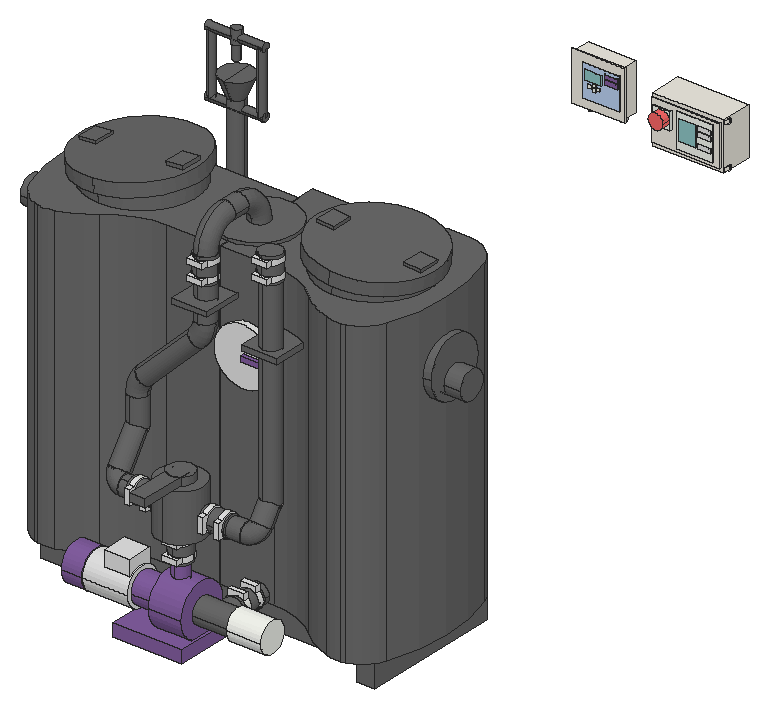
Revit family "93002.02_ms", category Generic Models, Revit 2021
Family settings
  Can host rebar = No
  Round Connector Dimension = Use Diameter
  Part Type = Normal
  Work Plane-Based = No
  Always vertical = Yes
  Cut with Voids When Loaded = No
  Shared = Yes
  Room Calculation Point = No
Parameters (values of type "93002.02_MS")
  SUPPLIER = "KESSEL"
  SA810ID06 = "4026092065013"
  SA810ID03 = "93002.02/MS"
  SA71009ID06 = 3000 W
  SA71009ID05 = 3600 W
  SA71009ID04 = 1
  SA700ID17 = 1055 mm
  SA700ID14 = "ohne Angabe"
  SA700ID13 = 70 mm
  SA700ID09 = 1458 mm
  SA700ID08 = 680 mm
  SA700ID07 = 1500 mm
  SA700ID06 = 200
  SA700ID05 = 2
  SA700ID04 = "Grease separator EasyClean free NS 2, Mix & Pump, SonicControl"
  SA500ID03 = "Sludge trap, integrated"
  SA400ID03 = "PE (Polyethylen)"
  SA250ID03 = "temperierte Umhausung"
  SA200ID03 = "free-standing set-up"
  SA100ID04 = "Abscheideranlage für Fette (Schlammfang und Fettabscheider)"
  PROCUREWEBLINK = "https://p.caden.as/kessel/93002.02%2FMS"
  PROCURELINK = "p.caden.as/kessel/93002.02%2FMS"
  PROCUREDATALASTUPDATE = "2024-05-22T12:18:14.168539057+01:00"
  PRC_SPECIFICATIONLINK = "https://ausschreiben.de/catalog/kessel/catalogItem/4a01b608-8c46-4a57-96a5-b04af733ebcd"
  NN = "EasyClean free Mix & Pump grease separator"
  NBSYN = "$SA810ID03."
  NB = "93002.02/MS"
  Model = "93002.02/MS"
  Manufacturer = "KESSEL"
  MIdent = "{$CADENAS_DATA/23d-libs/kessel/kessel_vdi_import/40/abscheideranlage20fuer20fette/easyclean_free_mix_pump.prj},210 {STYP=ASS},{VTYP=3D},{NB=93002.02/MS},{LINA=93002.02/MS},{NN=EasyClean free Mix & Pump grease separator},{DATE=21.12.2022 12:04:43},{GEOMDATE=17.11.2022 09:57:07},{VERSION=},{LINEID=160},{WBVAR=},{WBNUMERIC=}  {NB=93002.02/MS},{LINA=93002.02/MS},{KT=DUMMY},{PREVIEW=../../bilder/ksb_w_9300202ms.png},{SA700ID04=Fettabscheider EasyClean free NS 2, Mix & Pump, SonicControl},{SA810ID06=4026092065013},{SA010ID04=KESSEL AG},{SA810ID03=93002.02/MS},{SA100ID04=Abscheideranlage für Fette (Schlammfang und Fettabscheider)},{SA200ID03=Freiaufstellung},{SA400ID03=PE (Polyethylen)},{SA500ID03=Schlammfang integriert},{SA700ID05=2.00},{SA700ID06=200},{SA71009ID04=1},{SA71009ID05=3.60},{SA71009ID06=3.00},{SA250ID03=temperierte Umhausung},{SA700ID07=1500},{SA700ID09=1458},{SA700ID13=70},{SA700ID17=1055},{SA700ID08=680},{SA810ID10=\\\"Der Abscheider für fetthaltiges Abwasser ist für die freie Aufstellung in frostgeschützten Räumen geeignet und verzichtet auf metallische Bauteile im Behälter. Der Sammelbehälter aus dauerhaft beständigem Kunststoff (PE) ist mit einem integrierten Schlammfang ausgestattet und besitzt ein konisch zulaufendes Bodenteil für eine schnelle und saubere Entsorgung. Zwei geruchsdichte Deckel mit Schnellspannverschlüssen ermöglichen einen einfachen Zugang für Reinigungs- und Wartungsarbeiten.Das innovative Schredder-Mix-System mit integriertem Zerhacker übernimmt die Homogenisierung und Umwälzung des Behälterinhaltes. Die Reinigung und geruchsneutrale Entsorgung erfolgt dabei über eine außenliegende Pumpe mit 2-Wege-Ventil und Umschalthebel, die mit einem Absperrschieber vom Behälter getrennt werden kann. Nach der Entsorgung sind nur noch max. 3 Liter Schlammrestvolumen im Behälter vorhanden.Die manuelle Steuerung erfolgt durch ein anwenderfreundliches Schaltgerät, das über einen potentialfreien Kontakt in die Gebäudeleittechnik eingebunden werden kann.Gewährleistung auf den Werkstoff PE 20 Jahre.Ausführung:Absperreinrichtung: jaEntsorgungsart: manuelles Entsorgungs- und ReinigungssystemEntsorgungseinrichtung: EntsorgungspumpeEntsorgungsvariante: Mix & PumpFülleinrichtung nach DIN 1988: jaNenngröße (NS): 2Schauglas: jaSchredder-Mix-System: jaSonicControl: jaWasserversorgung: 1 Schraubventil 1\\\"\\\"Tragfähigkeit (DIN 19901): F3Lieferumfang: Storz-B-Kupplung R 2 1/2 \\\"\\\" für SaugwagenanschlussEinbausituation: freie AufstellungAllgemeine Merkmale:Material: PENorm: EN 1825: 2004, DIN 4040-100Abmessungen:Aufstellfläche Länge: 1.736 mmAufstellfläche Breite: 841 mmAufstellfläche Höhe: 1.767 mmEinbringmaß Länge: 1.500 mmEinbringmaß Breite: 680 mmEinbringmaß Höhe: 1.458 mmBehälter/Grundkörper:Zulauf Nennweite (DN): 100 mmZulauf Nennweite (DA): 110 mmAuslauf Nennweite (DN): 100Auslauf Nennweite (DA): 110Abstand Rohrsohle Zulauf zu Behälterboden: 1.055 mmAbstand Rohrsohle Auslauf zu Behälterboden: 985 mmAnschluss Zu-/Auslaufstutzen: PE-HD-Rohre nach DIN 19537, HT-Rohre nach DIN 19560, PP oder ASDruckabgang (DA): 75 mmDruckabgang (DN): 65 mmNenndruck (PN): 10Abdeckungsmerkmale:Abdeckungsart: DeckelAbdeckung Material: KunststoffAbdeckung Farbe: violettDichtheit: geruchsdichtVerriegelung: SchnellspannverschlussAbwasserinhalt:Abscheiderinhalt: 400 lGesamtvolumen: 600 lSchlammfanginhalt: 200 lSpeichermenge an Fett: 100 lFördereinrichtung:Pumpe: SPF 300 KE 2.0Anzahl Pumpen: 1Förderhöhe max.: 17 mFörderleistung max.: 60 m3/hBetriebsspannung: 400 VNetzfrequenz: 50 HzBetriebsart: S2 - 30 Min.Leistung P1: 3,6 kWLeistung P2: 3 kWDrehzahl: 2.850 U/minErforderliche Absicherung (Leitungsschutz): Absicherung über Schaltgerät 400 VFörderguttemperatur (dauerhaft) max.: 40 °CAnschlusstyp: DirektanschlussGewicht: 44 kgLaufrad Typ: Radiallaufrad mit ZerhackerLänge Netzanschlussleitung Pumpe: 5 mNennstrom: 6,2 ASchutzart Pumpe: IP 55Schutzklasse: ITyp Anschlussleitung Pumpe: H07RN-F 7G 1,5 mm2Temperaturüberwachung: integriertSteuerung:Schaltgerät: jaBetriebsspannung: 400 VNetzfrequenz: 50 HzSelbstdiagnosesystem (SDS): jaBatteriepufferung: neinMehrzeilige Displayanzeige: neinLogbuchfunktion: neinUSB-Schnittstelle: neinGSM-Schnittstelle: neinPotentialfreier Kontakt: jaErforderliche Absicherung (Leitungsschutz): 3 x C 16 AErforderliche Absicherung (RCD): 30 mAMotorschutz Schalter: jaSchutzart Schaltgerät: IP 54\\\"},{SA700ID14=ohne Angabe},{LODLEVEL=0},{CATEGORY3AA=},{CATEGORY3AB=EasyClean free Mix & Pump},{CATEGORY3AC=},{CATEGORY3AD=},{CATEGORY3AE=},{CATEGORY3AF=},{BEZEICHNUNG=},{BREITE=0.0},{TIEFE=MIN},{HOEHE=MIN},{MASSE=MIN},{LOD_=0,'Low'},{LOD_DEU=0,'Low'},{LOD_3DB=93002.02/MS_0},{DNIN1=100},{DNIN2=10},{DNIN3=10},{DNIN4=10},{DNIN5=MIN},{DNIN6=MIN},{DNIN7=MIN},{DNOUT1=100},{DNOUT2=50},{ISD=80},{ISD2=10},{SA960ID03=95},{SA960ID04=3L},{SA960ID08=http://www.kessel.de/info?han=93002.02/MS},{SA010ID01=010},{SA010ID02=40},{SA010ID06=www.kessel.de},{SA010ID08=4026092000007},{SA100ID01=100},{SA100ID02=1},{SA740ID01=740},{SA200ID01=200},{SA200ID02=1},{SA250ID01=250},{SA250ID02=1},{SA400ID01=400},{SA400ID02=1},{SA500ID01=500},{SA500ID02=1},{SA700ID01=700},{SA700ID02=95},{SA700ID14_=0},{SA71009ID01=710.09},{SA71009ID02=1},{SA71009ID03=SPF 300 KE 2.0},{SA71009ID07=IP55},{SA71009ID08=1},{SA71009ID09=1},{SA71009ID10=60},{SA71009ID11=17},{SA810ID01=810},{SA810ID02=95},{SA810ID04=93002.02/MS},{SA810ID07=95},{SA810ID14=PCE},{LINK=http://www.kessel.de/info?han=93002.02/MS},{LINK_=http://www.kessel.de/info?han=93002.02/MS},{LINK_DEU=http://www.kessel.de/info?han=93002.02/MS},{LODLEVELVIS=Low}"
  LINK = "http://www.kessel.de/info?han=93002.02/MS"
  LINA = "93002.02/MS"
  Default Elevation = 0 mm
  CREATOR = "CADENAS GmbH"
  CATALOG = "KESSEL"
  BOMINFO = "LINA"
  ARTICLENO = "NB"
Reference planes
  plane 1 "Center (Front/Back)": y = 0
  plane 2: z = 0
  plane 3 "Center (Left/Right)": x = 0
Dimensions and locks
  aligned and locked: level to plane 2
Nested families
  nested 1: "93002.02_ms_content" at (0, 0, 0), type "93002.02_MS_Content"
  nested 2: "93002.02_ms_part1_X0Y0" at (1000, 1000, 1500), type "93002.02_MS_PART1_X0Y0"
  nested 3: "93002.02_ms_part2_X0Y0" at (600, 1000, 1500), type "93002.02_MS_PART2_X0Y0"
  nested 4: "93002.02_ms_part3_X0Y0" at (0, 0, 0), type "93002.02_MS_PART3_X0Y0"
Connectors
  electrical at (910.5, 933.5, 1478)
    settings: on nested 2, index 1, voltage 0 V, apparent load 0 VA, apparent load phase1 0 VA, apparent load phase2 0 VA, apparent load phase3 0 VA, power factor 1, load classification "Other", number of poles 1, system type 31, power factor state 1, is connector primary yes, connector utility no, sub classification motor no, connector description ""
  electrical at (536, 972.5, 1469)
    settings: on nested 3, index 2, voltage 0 V, apparent load 0 VA, apparent load phase1 0 VA, apparent load phase2 0 VA, apparent load phase3 0 VA, power factor 1, load classification "Other", number of poles 1, system type 31, power factor state 1, is connector primary no, connector utility no, sub classification motor no, connector description ""
  piping at (-897.6, 0, 1113), diameter 100
    settings: on nested 4, index 3, connector inside diameter 609.6 mm, connector length 0 mm, flow factor 0, pipe flow 0.0 L/s, pressure drop 0.0 Pa, fitting loss kfactor 0, connector angle 0.00°, fixture units 0, engagement length 0 mm, angle of deflection 0.00°, flow configuration 0, flow direction 1, fitting loss method 2, system type 8, joint type 0, gender type 0, connector reference index -1, connector utility 0, adjustable connector no, is connector primary yes, connector description ""
  piping at (-305, 275, 1772.9), diameter 10
    settings: on nested 4, index 4, connector inside diameter 609.6 mm, connector length 0 mm, flow factor 0, pipe flow 0.0 L/s, pressure drop 0.0 Pa, fitting loss kfactor 0, connector angle 0.00°, fixture units 0, engagement length 0 mm, angle of deflection 0.00°, flow configuration 0, flow direction 1, fitting loss method 2, system type 8, joint type 0, gender type 0, connector reference index -1, connector utility 0, adjustable connector no, is connector primary no, connector description ""
  piping at (844, 0, 1030), diameter 100
    settings: on nested 4, index 5, connector inside diameter 609.6 mm, connector length 0 mm, flow factor 0, pipe flow 0.0 L/s, pressure drop 0.0 Pa, fitting loss kfactor 0, connector angle 0.00°, fixture units 0, engagement length 0 mm, angle of deflection 0.00°, flow configuration 0, flow direction 2, fitting loss method 2, system type 7, joint type 0, gender type 0, connector reference index -1, connector utility 0, adjustable connector no, is connector primary no, connector description ""
  piping at (290, -301.5, 1445.5), diameter 50
    settings: on nested 4, index 6, connector inside diameter 609.6 mm, connector length 0 mm, flow factor 0, pipe flow 0.0 L/s, pressure drop 0.0 Pa, fitting loss kfactor 0, connector angle 0.00°, fixture units 0, engagement length 0 mm, angle of deflection 0.00°, flow configuration 0, flow direction 2, fitting loss method 2, system type 7, joint type 0, gender type 0, connector reference index -1, connector utility 0, adjustable connector no, is connector primary no, connector description ""
  electrical at (-212, -383, 248.5)
    settings: on nested 4, index 7, voltage 0 V, apparent load 0 VA, apparent load phase1 0 VA, apparent load phase2 0 VA, apparent load phase3 0 VA, power factor 1, load classification "Other", number of poles 1, system type 31, power factor state 1, is connector primary no, connector utility no, sub classification motor no, connector description ""
Definition of nested family "93002.02_ms_part1_X0Y0"
  Parameters (values of type "93002.02_MS_PART1_X0Y0")
    SUPPLIER = "KESSEL"
    SA810ID06 = "4026092065013"
    SA810ID03 = "93002.02/MS"
    SA71009ID06 = 3000 W
    SA71009ID05 = 3600 W
    SA71009ID04 = 1
    SA700ID17 = 1055 mm
    SA700ID14 = "ohne Angabe"
    SA700ID13 = 70 mm
    SA700ID09 = 1458 mm
    SA700ID08 = 680 mm
    SA700ID07 = 1500 mm
    SA700ID06 = 200
    SA700ID05 = 2
    SA700ID04 = "Grease separator EasyClean free NS 2, Mix & Pump, SonicControl"
    SA500ID03 = "Sludge trap, integrated"
    SA400ID03 = "PE (Polyethylen)"
    SA250ID03 = "temperierte Umhausung"
    SA200ID03 = "free-standing set-up"
    SA100ID04 = "Abscheideranlage für Fette (Schlammfang und Fettabscheider)"
    NBSYN = "$SA810ID03._PART1"
    NB = "93002.02/MS_PART1"
    Model = "93002.02/MS_PART1"
    Manufacturer = "KESSEL"
    MIdent = "{$CADENAS_DATA/23d-libs/kessel/kessel_vdi_import/40/abscheideranlage20fuer20fette/easyclean_free_mix_pump.prj},230 {VTYP=3D},{NB=93002.02/MS_PART1},{LINA=93002.02/MS_PART1},{NN=EasyClean free Mix & Pump grease separator_PART1},{NOPRJ=TRUE},{DATE=21.12.2022 12:04:43},{GEOMDATE=17.11.2022 09:57:07},{VERSION=},{LINEID=160},{WBVAR=},{WBNUMERIC=}  {NB=93002.02/MS_PART1},{LINA=93002.02/MS_PART1},{KT=DUMMY},{PREVIEW=../../bilder/ksb_w_9300202ms.png},{SA700ID04=Fettabscheider EasyClean free NS 2, Mix & Pump, SonicControl},{SA810ID06=4026092065013},{SA010ID04=KESSEL AG},{SA810ID03=93002.02/MS},{SA100ID04=Abscheideranlage für Fette (Schlammfang und Fettabscheider)},{SA200ID03=Freiaufstellung},{SA400ID03=PE (Polyethylen)},{SA500ID03=Schlammfang integriert},{SA700ID05=2.00},{SA700ID06=200},{SA71009ID04=1},{SA71009ID05=3.60},{SA71009ID06=3.00},{SA250ID03=temperierte Umhausung},{SA700ID07=1500},{SA700ID09=1458},{SA700ID13=70},{SA700ID17=1055},{SA700ID08=680},{SA810ID10=\\\"Der Abscheider für fetthaltiges Abwasser ist für die freie Aufstellung in frostgeschützten Räumen geeignet und verzichtet auf metallische Bauteile im Behälter. Der Sammelbehälter aus dauerhaft beständigem Kunststoff (PE) ist mit einem integrierten Schlammfang ausgestattet und besitzt ein konisch zulaufendes Bodenteil für eine schnelle und saubere Entsorgung. Zwei geruchsdichte Deckel mit Schnellspannverschlüssen ermöglichen einen einfachen Zugang für Reinigungs- und Wartungsarbeiten.Das innovative Schredder-Mix-System mit integriertem Zerhacker übernimmt die Homogenisierung und Umwälzung des Behälterinhaltes. Die Reinigung und geruchsneutrale Entsorgung erfolgt dabei über eine außenliegende Pumpe mit 2-Wege-Ventil und Umschalthebel, die mit einem Absperrschieber vom Behälter getrennt werden kann. Nach der Entsorgung sind nur noch max. 3 Liter Schlammrestvolumen im Behälter vorhanden.Die manuelle Steuerung erfolgt durch ein anwenderfreundliches Schaltgerät, das über einen potentialfreien Kontakt in die Gebäudeleittechnik eingebunden werden kann.Gewährleistung auf den Werkstoff PE 20 Jahre.Ausführung:Absperreinrichtung: jaEntsorgungsart: manuelles Entsorgungs- und ReinigungssystemEntsorgungseinrichtung: EntsorgungspumpeEntsorgungsvariante: Mix & PumpFülleinrichtung nach DIN 1988: jaNenngröße (NS): 2Schauglas: jaSchredder-Mix-System: jaSonicControl: jaWasserversorgung: 1 Schraubventil 1\\\"\\\"Tragfähigkeit (DIN 19901): F3Lieferumfang: Storz-B-Kupplung R 2 1/2 \\\"\\\" für SaugwagenanschlussEinbausituation: freie AufstellungAllgemeine Merkmale:Material: PENorm: EN 1825: 2004, DIN 4040-100Abmessungen:Aufstellfläche Länge: 1.736 mmAufstellfläche Breite: 841 mmAufstellfläche Höhe: 1.767 mmEinbringmaß Länge: 1.500 mmEinbringmaß Breite: 680 mmEinbringmaß Höhe: 1.458 mmBehälter/Grundkörper:Zulauf Nennweite (DN): 100 mmZulauf Nennweite (DA): 110 mmAuslauf Nennweite (DN): 100Auslauf Nennweite (DA): 110Abstand Rohrsohle Zulauf zu Behälterboden: 1.055 mmAbstand Rohrsohle Auslauf zu Behälterboden: 985 mmAnschluss Zu-/Auslaufstutzen: PE-HD-Rohre nach DIN 19537, HT-Rohre nach DIN 19560, PP oder ASDruckabgang (DA): 75 mmDruckabgang (DN): 65 mmNenndruck (PN): 10Abdeckungsmerkmale:Abdeckungsart: DeckelAbdeckung Material: KunststoffAbdeckung Farbe: violettDichtheit: geruchsdichtVerriegelung: SchnellspannverschlussAbwasserinhalt:Abscheiderinhalt: 400 lGesamtvolumen: 600 lSchlammfanginhalt: 200 lSpeichermenge an Fett: 100 lFördereinrichtung:Pumpe: SPF 300 KE 2.0Anzahl Pumpen: 1Förderhöhe max.: 17 mFörderleistung max.: 60 m3/hBetriebsspannung: 400 VNetzfrequenz: 50 HzBetriebsart: S2 - 30 Min.Leistung P1: 3,6 kWLeistung P2: 3 kWDrehzahl: 2.850 U/minErforderliche Absicherung (Leitungsschutz): Absicherung über Schaltgerät 400 VFörderguttemperatur (dauerhaft) max.: 40 °CAnschlusstyp: DirektanschlussGewicht: 44 kgLaufrad Typ: Radiallaufrad mit ZerhackerLänge Netzanschlussleitung Pumpe: 5 mNennstrom: 6,2 ASchutzart Pumpe: IP 55Schutzklasse: ITyp Anschlussleitung Pumpe: H07RN-F 7G 1,5 mm2Temperaturüberwachung: integriertSteuerung:Schaltgerät: jaBetriebsspannung: 400 VNetzfrequenz: 50 HzSelbstdiagnosesystem (SDS): jaBatteriepufferung: neinMehrzeilige Displayanzeige: neinLogbuchfunktion: neinUSB-Schnittstelle: neinGSM-Schnittstelle: neinPotentialfreier Kontakt: jaErforderliche Absicherung (Leitungsschutz): 3 x C 16 AErforderliche Absicherung (RCD): 30 mAMotorschutz Schalter: jaSchutzart Schaltgerät: IP 54\\\"},{SA700ID14=ohne Angabe},{LODLEVEL=0},{CATEGORY3AA=},{CATEGORY3AB=EasyClean free Mix & Pump},{CATEGORY3AC=},{CATEGORY3AD=},{CATEGORY3AE=},{CATEGORY3AF=},{BEZEICHNUNG=},{BREITE=0.0},{TIEFE=MIN},{HOEHE=MIN},{MASSE=MIN},{LOD_=0,'Low'},{LOD_DEU=0,'Low'},{LOD_3DB=93002.02/MS_0},{DNIN1=100},{DNIN2=10},{DNIN3=10},{DNIN4=10},{DNIN5=MIN},{DNIN6=MIN},{DNIN7=MIN},{DNOUT1=100},{DNOUT2=50},{ISD=80},{ISD2=10},{SA960ID03=95},{SA960ID04=3L},{SA960ID08=http://www.kessel.de/info?han=93002.02/MS},{SA010ID01=010},{SA010ID02=40},{SA010ID06=www.kessel.de},{SA010ID08=4026092000007},{SA100ID01=100},{SA100ID02=1},{SA740ID01=740},{SA200ID01=200},{SA200ID02=1},{SA250ID01=250},{SA250ID02=1},{SA400ID01=400},{SA400ID02=1},{SA500ID01=500},{SA500ID02=1},{SA700ID01=700},{SA700ID02=95},{SA700ID14_=0},{SA71009ID01=710.09},{SA71009ID02=1},{SA71009ID03=SPF 300 KE 2.0},{SA71009ID07=IP55},{SA71009ID08=1},{SA71009ID09=1},{SA71009ID10=60},{SA71009ID11=17},{SA810ID01=810},{SA810ID02=95},{SA810ID04=93002.02/MS},{SA810ID07=95},{SA810ID14=PCE},{LINK=http://www.kessel.de/info?han=93002.02/MS},{LINK_=http://www.kessel.de/info?han=93002.02/MS},{LINK_DEU=http://www.kessel.de/info?han=93002.02/MS},{LODLEVELVIS=Low}"
    LINK = "http://www.kessel.de/info?han=93002.02/MS"
    LINA = "93002.02/MS_PART1"
    Default Elevation = 1219.2 mm
    CREATOR = "CADENAS GmbH"
    CATALOG = "KESSEL"
    BOMINFO = "LINA"
    ARTICLENO = "NB"
  Reference planes
    plane 1 "Center (Front/Back)": y = 0
    plane 2: z = 0
    plane 3 "Center (Left/Right)": x = 0
  Dimensions and locks
    aligned and locked: level to plane 2
  Nested families
    nested 1: "93002.02_ms_part1_content" at (0, 0, 0), type "93002.02_MS_PART1_Content"
  Definition of nested family "93002.02_ms_part1_content"
    Parameters (values of type "93002.02_MS_PART1_Content")
      SUPPLIER = "KESSEL"
      SA810ID06 = "4026092065013"
      SA810ID03 = "93002.02/MS"
      SA71009ID06 = 3000 W
      SA71009ID05 = 3600 W
      SA71009ID04 = 1
      SA700ID17 = 1055 mm
      SA700ID14 = "ohne Angabe"
      SA700ID13 = 70 mm
      SA700ID09 = 1458 mm
      SA700ID08 = 680 mm
      SA700ID07 = 1500 mm
      SA700ID06 = 200
      SA700ID05 = 2
      SA700ID04 = "Grease separator EasyClean free NS 2, Mix & Pump, SonicControl"
      SA500ID03 = "Sludge trap, integrated"
      SA400ID03 = "PE (Polyethylen)"
      SA250ID03 = "temperierte Umhausung"
      SA200ID03 = "free-standing set-up"
      SA100ID04 = "Abscheideranlage für Fette (Schlammfang und Fettabscheider)"
      NBSYN = "$SA810ID03._PART1"
      NB = "93002.02/MS_PART1"
      Model = "93002.02/MS_PART1"
      Manufacturer = "KESSEL"
      LINK = "http://www.kessel.de/info?han=93002.02/MS"
      LINA = "93002.02/MS_PART1"
      Default Elevation = 1219.2 mm
      CREATOR = "CADENAS GmbH"
      CATALOG = "KESSEL"
      BOMINFO = "LINA"
      ARTICLENO = "NB"
    Reference planes
      plane 1 "Center (Front/Back)": y = 0
      plane 2: z = 0
      plane 3 "Center (Left/Right)": x = 0
    Forms (mm)
      Extrusion 1, solid, detail levels medium+fine
        sketch origin (139, 0, 0) x (0, -1, 0) y (0, 0, 1)
          loop
            line (0, 188) -> (0, 0) -> (122.5, 0) -> (122.5, 188) -> (0, 188)
        from 0 to 278
      Extrusion 2, solid, detail levels medium+fine
        sketch origin (130, -122.5, 14) x (0, -1, 0) y (0, 0, 1)
          loop
            line (0, 160) -> (0, 0) -> (5, 0) -> (5, 160) -> (0, 160)
        from 0 to 269
      Extrusion 3, solid, detail levels medium+fine
        sketch origin (100, -127.5, 26) x (0, -1, 0) y (0, 0, 1)
          loop
            line (-1.5, 135) -> (-1.5, 0) -> (0.2, 0) -> (0.2, 135) -> (-1.5, 135)
        from 0 to 140
      Extrusion 4, solid, detail levels medium+fine
        sketch origin (32.5, -127.7, 55) x (0, -1, 0) y (0, 0, 1)
          loop
            line (-1.5, 79) -> (-1.5, 0) -> (0.1, 0) -> (0.1, 79) -> (-1.5, 79)
        from 0 to 65
      Extrusion 5, solid, detail levels medium+fine
        sketch origin (92.5, -127.7, 97) x (0, -1, 0) y (0, 0, 1)
          loop
            line (-1.5, 16) -> (-1.5, 0) -> (0.1, 0) -> (0.1, 16) -> (-1.5, 16)
        from 0 to 51
      Extrusion 6, solid, detail levels medium+fine
        sketch origin (92.5, -127.7, 55) x (0, -1, 0) y (0, 0, 1)
          loop
            line (-1.5, 16) -> (-1.5, 0) -> (0.1, 0) -> (0.1, 16) -> (-1.5, 16)
        from 0 to 51
      Extrusion 7, solid, detail levels medium+fine
        sketch origin (92.5, -127.7, 118) x (0, -1, 0) y (0, 0, 1)
          loop
            line (-1.5, 16) -> (-1.5, 0) -> (0.1, 0) -> (0.1, 16) -> (-1.5, 16)
        from 0 to 51
      Extrusion 8, solid, detail levels medium+fine
        sketch origin (0.25, -66.5, 1.5) x (0.866025, 0.5, 0) y (0.5, -0.866025, 0)
          loop
            circle (0, 0) r 10
        from 0 to 2.5
      Extrusion 9, solid, detail levels medium+fine
        sketch origin (-63, -127.5, 84) x (0, -1, 0) y (0, 0, 1)
          loop
            line (0, 67) -> (0, 0) -> (7, 0) -> (7, 67) -> (0, 67)
        from 0 to 67
      Extrusion 10, solid, detail levels medium+fine
        sketch origin (-96.5, -134.5, 117.5) x (1, 0, 0) y (0, 0, 1)
          loop
            circle (0, 0) r 29.5
        from 0 to 29
      Extrusion 11, solid, detail levels medium+fine
        sketch origin (30.25, -66.5, 1.5) x (0.866025, 0.5, 0) y (0.5, -0.866025, 0)
          loop
            circle (0, 0) r 10
        from 0 to 2.5
      Extrusion 12, solid, detail levels medium+fine
        sketch origin (60.25, -66.5, 1.5) x (0.866025, 0.5, 0) y (0.5, -0.866025, 0)
          loop
            circle (0, 0) r 10
        from 0 to 2.5
      Extrusion 13, solid, detail levels medium+fine
        sketch origin (-44.5, -66.5, 0) x (0.866025, 0.5, 0) y (0.5, -0.866025, 0)
          loop
            line (0, 17.321) -> (-15, 8.66) -> (-15, -8.66) -> (0, -17.321) -> (15, -8.66) -> (15, 8.66) -> (0, 17.321)
        from 0 to 22
      Extrusion 14, solid, detail levels medium+fine
        sketch origin (-89.5, -66.5, 0) x (0.866025, 0.5, 0) y (0.5, -0.866025, 0)
          loop
            line (0, 17.321) -> (-15, 8.66) -> (-15, -8.66) -> (0, -17.321) -> (15, -8.66) -> (15, 8.66) -> (0, 17.321)
        from 0 to 22
      Extrusion 15, solid, detail levels medium+fine
        sketch origin (-128, 0, 177) x (-1, 0, 0) y (0, 0, 1)
          loop
            circle (0, 0) r 7.5
        from 0 to 2
      Extrusion 16, solid, detail levels medium+fine
        sketch origin (-128, 0, 11) x (-1, 0, 0) y (0, 0, 1)
          loop
            circle (0, 0) r 7.5
        from 0 to 2
      Extrusion 17, solid, detail levels medium+fine
        sketch origin (128, 0, 11) x (-1, 0, 0) y (0, 0, 1)
          loop
            circle (0, 0) r 7.5
        from 0 to 2
      Extrusion 18, solid, detail levels medium+fine
        sketch origin (128, 0, 177) x (-1, 0, 0) y (0, 0, 1)
          loop
            circle (0, 0) r 7.5
        from 0 to 2
      Extrusion 19, solid, detail levels medium+fine
        sketch origin (143.5, -100.5, 170) x (-1, 0, 0) y (0, -1, 0)
          loop
            circle (0, 0) r 5
        from 0 to 14
      Extrusion 20, solid, detail levels medium+fine
        sketch origin (139, -100.5, 170) x (0, -1, 0) y (1, 0, 0)
          loop
            line (0, 9.5) -> (0, 0) -> (20, 0) -> (0, 9.5)
        from 0 to 14
      Extrusion 21, solid, detail levels medium+fine
        sketch origin (143.5, -100.5, 4) x (-1, 0, 0) y (0, -1, 0)
          loop
            circle (0, 0) r 5
        from 0 to 14
      Extrusion 22, solid, detail levels medium+fine
        sketch origin (139, -100.5, 4) x (0, -1, 0) y (1, 0, 0)
          loop
            line (0, 9.5) -> (0, 0) -> (20, 0) -> (0, 9.5)
        from 0 to 14
      Extrusion 23, solid, detail levels coarse
        sketch origin (4.75, -80.75, -22) x (1, 0, 0) y (0, 1, 0)
          loop
            line (-143.75, -82.75) -> (143.75, -82.75) -> (143.75, 82.75) -> (-143.75, 82.75) -> (-143.75, -82.75)
        from 0 to 210
    Dimensions and locks
      aligned and locked: level to plane 2
Definition of nested family "93002.02_ms_part2_X0Y0"
  Parameters (values of type "93002.02_MS_PART2_X0Y0")
    SUPPLIER = "KESSEL"
    SA810ID06 = "4026092065013"
    SA810ID03 = "93002.02/MS"
    SA71009ID06 = 3000 W
    SA71009ID05 = 3600 W
    SA71009ID04 = 1
    SA700ID17 = 1055 mm
    SA700ID14 = "ohne Angabe"
    SA700ID13 = 70 mm
    SA700ID09 = 1458 mm
    SA700ID08 = 680 mm
    SA700ID07 = 1500 mm
    SA700ID06 = 200
    SA700ID05 = 2
    SA700ID04 = "Grease separator EasyClean free NS 2, Mix & Pump, SonicControl"
    SA500ID03 = "Sludge trap, integrated"
    SA400ID03 = "PE (Polyethylen)"
    SA250ID03 = "temperierte Umhausung"
    SA200ID03 = "free-standing set-up"
    SA100ID04 = "Abscheideranlage für Fette (Schlammfang und Fettabscheider)"
    NBSYN = "$SA810ID03._PART2"
    NB = "93002.02/MS_PART2"
    Model = "93002.02/MS_PART2"
    Manufacturer = "KESSEL"
    MIdent = "{$CADENAS_DATA/23d-libs/kessel/kessel_vdi_import/40/abscheideranlage20fuer20fette/easyclean_free_mix_pump.prj},230 {VTYP=3D},{NB=93002.02/MS_PART2},{LINA=93002.02/MS_PART2},{NN=EasyClean free Mix & Pump grease separator_PART2},{NOPRJ=TRUE},{DATE=21.12.2022 12:04:43},{GEOMDATE=17.11.2022 09:57:07},{VERSION=},{LINEID=160},{WBVAR=},{WBNUMERIC=}  {NB=93002.02/MS_PART2},{LINA=93002.02/MS_PART2},{KT=DUMMY},{PREVIEW=../../bilder/ksb_w_9300202ms.png},{SA700ID04=Fettabscheider EasyClean free NS 2, Mix & Pump, SonicControl},{SA810ID06=4026092065013},{SA010ID04=KESSEL AG},{SA810ID03=93002.02/MS},{SA100ID04=Abscheideranlage für Fette (Schlammfang und Fettabscheider)},{SA200ID03=Freiaufstellung},{SA400ID03=PE (Polyethylen)},{SA500ID03=Schlammfang integriert},{SA700ID05=2.00},{SA700ID06=200},{SA71009ID04=1},{SA71009ID05=3.60},{SA71009ID06=3.00},{SA250ID03=temperierte Umhausung},{SA700ID07=1500},{SA700ID09=1458},{SA700ID13=70},{SA700ID17=1055},{SA700ID08=680},{SA810ID10=\\\"Der Abscheider für fetthaltiges Abwasser ist für die freie Aufstellung in frostgeschützten Räumen geeignet und verzichtet auf metallische Bauteile im Behälter. Der Sammelbehälter aus dauerhaft beständigem Kunststoff (PE) ist mit einem integrierten Schlammfang ausgestattet und besitzt ein konisch zulaufendes Bodenteil für eine schnelle und saubere Entsorgung. Zwei geruchsdichte Deckel mit Schnellspannverschlüssen ermöglichen einen einfachen Zugang für Reinigungs- und Wartungsarbeiten.Das innovative Schredder-Mix-System mit integriertem Zerhacker übernimmt die Homogenisierung und Umwälzung des Behälterinhaltes. Die Reinigung und geruchsneutrale Entsorgung erfolgt dabei über eine außenliegende Pumpe mit 2-Wege-Ventil und Umschalthebel, die mit einem Absperrschieber vom Behälter getrennt werden kann. Nach der Entsorgung sind nur noch max. 3 Liter Schlammrestvolumen im Behälter vorhanden.Die manuelle Steuerung erfolgt durch ein anwenderfreundliches Schaltgerät, das über einen potentialfreien Kontakt in die Gebäudeleittechnik eingebunden werden kann.Gewährleistung auf den Werkstoff PE 20 Jahre.Ausführung:Absperreinrichtung: jaEntsorgungsart: manuelles Entsorgungs- und ReinigungssystemEntsorgungseinrichtung: EntsorgungspumpeEntsorgungsvariante: Mix & PumpFülleinrichtung nach DIN 1988: jaNenngröße (NS): 2Schauglas: jaSchredder-Mix-System: jaSonicControl: jaWasserversorgung: 1 Schraubventil 1\\\"\\\"Tragfähigkeit (DIN 19901): F3Lieferumfang: Storz-B-Kupplung R 2 1/2 \\\"\\\" für SaugwagenanschlussEinbausituation: freie AufstellungAllgemeine Merkmale:Material: PENorm: EN 1825: 2004, DIN 4040-100Abmessungen:Aufstellfläche Länge: 1.736 mmAufstellfläche Breite: 841 mmAufstellfläche Höhe: 1.767 mmEinbringmaß Länge: 1.500 mmEinbringmaß Breite: 680 mmEinbringmaß Höhe: 1.458 mmBehälter/Grundkörper:Zulauf Nennweite (DN): 100 mmZulauf Nennweite (DA): 110 mmAuslauf Nennweite (DN): 100Auslauf Nennweite (DA): 110Abstand Rohrsohle Zulauf zu Behälterboden: 1.055 mmAbstand Rohrsohle Auslauf zu Behälterboden: 985 mmAnschluss Zu-/Auslaufstutzen: PE-HD-Rohre nach DIN 19537, HT-Rohre nach DIN 19560, PP oder ASDruckabgang (DA): 75 mmDruckabgang (DN): 65 mmNenndruck (PN): 10Abdeckungsmerkmale:Abdeckungsart: DeckelAbdeckung Material: KunststoffAbdeckung Farbe: violettDichtheit: geruchsdichtVerriegelung: SchnellspannverschlussAbwasserinhalt:Abscheiderinhalt: 400 lGesamtvolumen: 600 lSchlammfanginhalt: 200 lSpeichermenge an Fett: 100 lFördereinrichtung:Pumpe: SPF 300 KE 2.0Anzahl Pumpen: 1Förderhöhe max.: 17 mFörderleistung max.: 60 m3/hBetriebsspannung: 400 VNetzfrequenz: 50 HzBetriebsart: S2 - 30 Min.Leistung P1: 3,6 kWLeistung P2: 3 kWDrehzahl: 2.850 U/minErforderliche Absicherung (Leitungsschutz): Absicherung über Schaltgerät 400 VFörderguttemperatur (dauerhaft) max.: 40 °CAnschlusstyp: DirektanschlussGewicht: 44 kgLaufrad Typ: Radiallaufrad mit ZerhackerLänge Netzanschlussleitung Pumpe: 5 mNennstrom: 6,2 ASchutzart Pumpe: IP 55Schutzklasse: ITyp Anschlussleitung Pumpe: H07RN-F 7G 1,5 mm2Temperaturüberwachung: integriertSteuerung:Schaltgerät: jaBetriebsspannung: 400 VNetzfrequenz: 50 HzSelbstdiagnosesystem (SDS): jaBatteriepufferung: neinMehrzeilige Displayanzeige: neinLogbuchfunktion: neinUSB-Schnittstelle: neinGSM-Schnittstelle: neinPotentialfreier Kontakt: jaErforderliche Absicherung (Leitungsschutz): 3 x C 16 AErforderliche Absicherung (RCD): 30 mAMotorschutz Schalter: jaSchutzart Schaltgerät: IP 54\\\"},{SA700ID14=ohne Angabe},{LODLEVEL=0},{CATEGORY3AA=},{CATEGORY3AB=EasyClean free Mix & Pump},{CATEGORY3AC=},{CATEGORY3AD=},{CATEGORY3AE=},{CATEGORY3AF=},{BEZEICHNUNG=},{BREITE=0.0},{TIEFE=MIN},{HOEHE=MIN},{MASSE=MIN},{LOD_=0,'Low'},{LOD_DEU=0,'Low'},{LOD_3DB=93002.02/MS_0},{DNIN1=100},{DNIN2=10},{DNIN3=10},{DNIN4=10},{DNIN5=MIN},{DNIN6=MIN},{DNIN7=MIN},{DNOUT1=100},{DNOUT2=50},{ISD=80},{ISD2=10},{SA960ID03=95},{SA960ID04=3L},{SA960ID08=http://www.kessel.de/info?han=93002.02/MS},{SA010ID01=010},{SA010ID02=40},{SA010ID06=www.kessel.de},{SA010ID08=4026092000007},{SA100ID01=100},{SA100ID02=1},{SA740ID01=740},{SA200ID01=200},{SA200ID02=1},{SA250ID01=250},{SA250ID02=1},{SA400ID01=400},{SA400ID02=1},{SA500ID01=500},{SA500ID02=1},{SA700ID01=700},{SA700ID02=95},{SA700ID14_=0},{SA71009ID01=710.09},{SA71009ID02=1},{SA71009ID03=SPF 300 KE 2.0},{SA71009ID07=IP55},{SA71009ID08=1},{SA71009ID09=1},{SA71009ID10=60},{SA71009ID11=17},{SA810ID01=810},{SA810ID02=95},{SA810ID04=93002.02/MS},{SA810ID07=95},{SA810ID14=PCE},{LINK=http://www.kessel.de/info?han=93002.02/MS},{LINK_=http://www.kessel.de/info?han=93002.02/MS},{LINK_DEU=http://www.kessel.de/info?han=93002.02/MS},{LODLEVELVIS=Low}"
    LINK = "http://www.kessel.de/info?han=93002.02/MS"
    LINA = "93002.02/MS_PART2"
    Default Elevation = 1219.2 mm
    CREATOR = "CADENAS GmbH"
    CATALOG = "KESSEL"
    BOMINFO = "LINA"
    ARTICLENO = "NB"
  Reference planes
    plane 1 "Center (Front/Back)": y = 0
    plane 2: z = 0
    plane 3 "Center (Left/Right)": x = 0
  Dimensions and locks
    aligned and locked: level to plane 2
  Nested families
    nested 1: "93002.02_ms_part2_content" at (0, 0, 0), type "93002.02_MS_PART2_Content"
  Definition of nested family "93002.02_ms_part2_content"
    Parameters (values of type "93002.02_MS_PART2_Content")
      SUPPLIER = "KESSEL"
      SA810ID06 = "4026092065013"
      SA810ID03 = "93002.02/MS"
      SA71009ID06 = 3000 W
      SA71009ID05 = 3600 W
      SA71009ID04 = 1
      SA700ID17 = 1055 mm
      SA700ID14 = "ohne Angabe"
      SA700ID13 = 70 mm
      SA700ID09 = 1458 mm
      SA700ID08 = 680 mm
      SA700ID07 = 1500 mm
      SA700ID06 = 200
      SA700ID05 = 2
      SA700ID04 = "Grease separator EasyClean free NS 2, Mix & Pump, SonicControl"
      SA500ID03 = "Sludge trap, integrated"
      SA400ID03 = "PE (Polyethylen)"
      SA250ID03 = "temperierte Umhausung"
      SA200ID03 = "free-standing set-up"
      SA100ID04 = "Abscheideranlage für Fette (Schlammfang und Fettabscheider)"
      NBSYN = "$SA810ID03._PART2"
      NB = "93002.02/MS_PART2"
      Model = "93002.02/MS_PART2"
      Manufacturer = "KESSEL"
      LINK = "http://www.kessel.de/info?han=93002.02/MS"
      LINA = "93002.02/MS_PART2"
      Default Elevation = 1219.2 mm
      CREATOR = "CADENAS GmbH"
      CATALOG = "KESSEL"
      BOMINFO = "LINA"
      ARTICLENO = "NB"
    Reference planes
      plane 1 "Center (Front/Back)": y = 0
      plane 2: z = 0
      plane 3 "Center (Left/Right)": x = 0
    Forms (mm)
      Extrusion 1, solid, detail levels medium+fine
        sketch origin (94, 0, 5) x (0, -1, 0) y (0, 0, 1)
          loop
            line (0, 184) -> (0, 0) -> (64.5, 0) -> (64.5, 184) -> (0, 184)
        from 0 to 188
      Extrusion 2, solid, detail levels medium+fine
        sketch origin (104, -64.5, 0) x (0, -1, 0) y (0, 0, 1)
          loop
            line (0, 194) -> (0, 0) -> (3.5, 0) -> (3.5, 194) -> (0, 194)
        from 0 to 208
      Extrusion 3, solid, detail levels medium+fine
        sketch origin (86.3, -68, 33.2) x (0, -1, 0) y (0, 0, 1)
          loop
            line (-0.5, 127) -> (-0.5, 0) -> (1, 0) -> (1, 127) -> (-0.5, 127)
        from 0 to 146
      Extrusion 4, solid, detail levels medium+fine
        sketch origin (6.8, -69, 77.2) x (0, -1, 0) y (0, 0, 1)
          loop
            line (-0.5, 12) -> (-0.5, 0) -> (1, 0) -> (1, 12) -> (-0.5, 12)
        from 0 to 12
      Extrusion 5, solid, detail levels medium+fine
        sketch origin (-9.7, -69, 85.45) x (0, -1, 0) y (0, 0, 1)
          loop
            line (-0.5, 12) -> (-0.5, 0) -> (1, 0) -> (1, 12) -> (-0.5, 12)
        from 0 to 12
      Extrusion 6, solid, detail levels medium+fine
        sketch origin (-9.7, -69, 68.95) x (0, -1, 0) y (0, 0, 1)
          loop
            line (-0.5, 12) -> (-0.5, 0) -> (1, 0) -> (1, 12) -> (-0.5, 12)
        from 0 to 12
      Extrusion 7, solid, detail levels medium+fine
        sketch origin (13.3, -69, 100.45) x (0, -1, 0) y (0, 0, 1)
          loop
            line (-0.5, 37) -> (-0.5, 0) -> (1, 0) -> (1, 37) -> (-0.5, 37)
        from 0 to 65
      Extrusion 8, solid, detail levels medium+fine
        sketch origin (78.8, -69, 110.7) x (0, -1, 0) y (0, 0, 1)
          loop
            line (-0.5, 16) -> (-0.5, 0) -> (1, 0) -> (1, 16) -> (-0.5, 16)
        from 0 to 51
      Extrusion 9, solid, detail levels medium+fine
        sketch origin (-26.2, -69, 77.2) x (0, -1, 0) y (0, 0, 1)
          loop
            line (-0.5, 12) -> (-0.5, 0) -> (1, 0) -> (1, 12) -> (-0.5, 12)
        from 0 to 12
      Extrusion 10, solid, detail levels medium+fine
        sketch origin (78.75, -69, 130.75) x (0, -1, 0) y (0, 0, 1)
          loop
            line (-0.5, 16) -> (-0.5, 0) -> (1, 0) -> (1, 16) -> (-0.5, 16)
        from 0 to 51
      Extrusion 11, solid, detail levels medium+fine
        sketch origin (-64, -27.5, 5) x (1, 0, 0) y (0, -1, 0)
          loop
            circle (0, 0) r 12
        from 0 to 26
      Extrusion 12, solid, detail levels medium+fine
        sketch origin (-64, -27.5, -21) x (1, 0, 0) y (0, -1, 0)
          loop
            circle (0, 0) r 5
        from 0 to 10
      Extrusion 13, solid, detail levels medium+fine
        sketch origin (67, -27.5, 5) x (1, 0, 0) y (0, -1, 0)
          loop
            circle (0, 0) r 12
        from 0 to 26
      Extrusion 14, solid, detail levels coarse
        sketch origin (0, -35, -31) x (1, 0, 0) y (0, 1, 0)
          loop
            line (-104, -35) -> (104, -35) -> (104, 35) -> (-104, 35) -> (-104, -35)
        from 0 to 225
    Dimensions and locks
      aligned and locked: level to plane 2
Definition of nested family "93002.02_ms_part3_X0Y0"
  Parameters (values of type "93002.02_MS_PART3_X0Y0")
    SUPPLIER = "KESSEL"
    SA810ID06 = "4026092065013"
    SA810ID03 = "93002.02/MS"
    SA71009ID06 = 3000 W
    SA71009ID05 = 3600 W
    SA71009ID04 = 1
    SA700ID17 = 1055 mm
    SA700ID14 = "ohne Angabe"
    SA700ID13 = 70 mm
    SA700ID09 = 1458 mm
    SA700ID08 = 680 mm
    SA700ID07 = 1500 mm
    SA700ID06 = 200
    SA700ID05 = 2
    SA700ID04 = "Grease separator EasyClean free NS 2, Mix & Pump, SonicControl"
    SA500ID03 = "Sludge trap, integrated"
    SA400ID03 = "PE (Polyethylen)"
    SA250ID03 = "temperierte Umhausung"
    SA200ID03 = "free-standing set-up"
    SA100ID04 = "Abscheideranlage für Fette (Schlammfang und Fettabscheider)"
    NBSYN = "$SA810ID03._PART3"
    NB = "93002.02/MS_PART3"
    Model = "93002.02/MS_PART3"
    Manufacturer = "KESSEL"
    MIdent = "{$CADENAS_DATA/23d-libs/kessel/kessel_vdi_import/40/abscheideranlage20fuer20fette/easyclean_free_mix_pump.prj},230 {VTYP=3D},{NB=93002.02/MS_PART3},{LINA=93002.02/MS_PART3},{NN=EasyClean free Mix & Pump grease separator_PART3},{NOPRJ=TRUE},{DATE=21.12.2022 12:04:43},{GEOMDATE=17.11.2022 09:57:07},{VERSION=},{LINEID=160},{WBVAR=},{WBNUMERIC=}  {NB=93002.02/MS_PART3},{LINA=93002.02/MS_PART3},{KT=DUMMY},{PREVIEW=../../bilder/ksb_w_9300202ms.png},{SA700ID04=Fettabscheider EasyClean free NS 2, Mix & Pump, SonicControl},{SA810ID06=4026092065013},{SA010ID04=KESSEL AG},{SA810ID03=93002.02/MS},{SA100ID04=Abscheideranlage für Fette (Schlammfang und Fettabscheider)},{SA200ID03=Freiaufstellung},{SA400ID03=PE (Polyethylen)},{SA500ID03=Schlammfang integriert},{SA700ID05=2.00},{SA700ID06=200},{SA71009ID04=1},{SA71009ID05=3.60},{SA71009ID06=3.00},{SA250ID03=temperierte Umhausung},{SA700ID07=1500},{SA700ID09=1458},{SA700ID13=70},{SA700ID17=1055},{SA700ID08=680},{SA810ID10=\\\"Der Abscheider für fetthaltiges Abwasser ist für die freie Aufstellung in frostgeschützten Räumen geeignet und verzichtet auf metallische Bauteile im Behälter. Der Sammelbehälter aus dauerhaft beständigem Kunststoff (PE) ist mit einem integrierten Schlammfang ausgestattet und besitzt ein konisch zulaufendes Bodenteil für eine schnelle und saubere Entsorgung. Zwei geruchsdichte Deckel mit Schnellspannverschlüssen ermöglichen einen einfachen Zugang für Reinigungs- und Wartungsarbeiten.Das innovative Schredder-Mix-System mit integriertem Zerhacker übernimmt die Homogenisierung und Umwälzung des Behälterinhaltes. Die Reinigung und geruchsneutrale Entsorgung erfolgt dabei über eine außenliegende Pumpe mit 2-Wege-Ventil und Umschalthebel, die mit einem Absperrschieber vom Behälter getrennt werden kann. Nach der Entsorgung sind nur noch max. 3 Liter Schlammrestvolumen im Behälter vorhanden.Die manuelle Steuerung erfolgt durch ein anwenderfreundliches Schaltgerät, das über einen potentialfreien Kontakt in die Gebäudeleittechnik eingebunden werden kann.Gewährleistung auf den Werkstoff PE 20 Jahre.Ausführung:Absperreinrichtung: jaEntsorgungsart: manuelles Entsorgungs- und ReinigungssystemEntsorgungseinrichtung: EntsorgungspumpeEntsorgungsvariante: Mix & PumpFülleinrichtung nach DIN 1988: jaNenngröße (NS): 2Schauglas: jaSchredder-Mix-System: jaSonicControl: jaWasserversorgung: 1 Schraubventil 1\\\"\\\"Tragfähigkeit (DIN 19901): F3Lieferumfang: Storz-B-Kupplung R 2 1/2 \\\"\\\" für SaugwagenanschlussEinbausituation: freie AufstellungAllgemeine Merkmale:Material: PENorm: EN 1825: 2004, DIN 4040-100Abmessungen:Aufstellfläche Länge: 1.736 mmAufstellfläche Breite: 841 mmAufstellfläche Höhe: 1.767 mmEinbringmaß Länge: 1.500 mmEinbringmaß Breite: 680 mmEinbringmaß Höhe: 1.458 mmBehälter/Grundkörper:Zulauf Nennweite (DN): 100 mmZulauf Nennweite (DA): 110 mmAuslauf Nennweite (DN): 100Auslauf Nennweite (DA): 110Abstand Rohrsohle Zulauf zu Behälterboden: 1.055 mmAbstand Rohrsohle Auslauf zu Behälterboden: 985 mmAnschluss Zu-/Auslaufstutzen: PE-HD-Rohre nach DIN 19537, HT-Rohre nach DIN 19560, PP oder ASDruckabgang (DA): 75 mmDruckabgang (DN): 65 mmNenndruck (PN): 10Abdeckungsmerkmale:Abdeckungsart: DeckelAbdeckung Material: KunststoffAbdeckung Farbe: violettDichtheit: geruchsdichtVerriegelung: SchnellspannverschlussAbwasserinhalt:Abscheiderinhalt: 400 lGesamtvolumen: 600 lSchlammfanginhalt: 200 lSpeichermenge an Fett: 100 lFördereinrichtung:Pumpe: SPF 300 KE 2.0Anzahl Pumpen: 1Förderhöhe max.: 17 mFörderleistung max.: 60 m3/hBetriebsspannung: 400 VNetzfrequenz: 50 HzBetriebsart: S2 - 30 Min.Leistung P1: 3,6 kWLeistung P2: 3 kWDrehzahl: 2.850 U/minErforderliche Absicherung (Leitungsschutz): Absicherung über Schaltgerät 400 VFörderguttemperatur (dauerhaft) max.: 40 °CAnschlusstyp: DirektanschlussGewicht: 44 kgLaufrad Typ: Radiallaufrad mit ZerhackerLänge Netzanschlussleitung Pumpe: 5 mNennstrom: 6,2 ASchutzart Pumpe: IP 55Schutzklasse: ITyp Anschlussleitung Pumpe: H07RN-F 7G 1,5 mm2Temperaturüberwachung: integriertSteuerung:Schaltgerät: jaBetriebsspannung: 400 VNetzfrequenz: 50 HzSelbstdiagnosesystem (SDS): jaBatteriepufferung: neinMehrzeilige Displayanzeige: neinLogbuchfunktion: neinUSB-Schnittstelle: neinGSM-Schnittstelle: neinPotentialfreier Kontakt: jaErforderliche Absicherung (Leitungsschutz): 3 x C 16 AErforderliche Absicherung (RCD): 30 mAMotorschutz Schalter: jaSchutzart Schaltgerät: IP 54\\\"},{SA700ID14=ohne Angabe},{LODLEVEL=0},{CATEGORY3AA=},{CATEGORY3AB=EasyClean free Mix & Pump},{CATEGORY3AC=},{CATEGORY3AD=},{CATEGORY3AE=},{CATEGORY3AF=},{BEZEICHNUNG=},{BREITE=0.0},{TIEFE=MIN},{HOEHE=MIN},{MASSE=MIN},{LOD_=0,'Low'},{LOD_DEU=0,'Low'},{LOD_3DB=93002.02/MS_0},{DNIN1=100},{DNIN2=10},{DNIN3=10},{DNIN4=10},{DNIN5=MIN},{DNIN6=MIN},{DNIN7=MIN},{DNOUT1=100},{DNOUT2=50},{ISD=80},{ISD2=10},{SA960ID03=95},{SA960ID04=3L},{SA960ID08=http://www.kessel.de/info?han=93002.02/MS},{SA010ID01=010},{SA010ID02=40},{SA010ID06=www.kessel.de},{SA010ID08=4026092000007},{SA100ID01=100},{SA100ID02=1},{SA740ID01=740},{SA200ID01=200},{SA200ID02=1},{SA250ID01=250},{SA250ID02=1},{SA400ID01=400},{SA400ID02=1},{SA500ID01=500},{SA500ID02=1},{SA700ID01=700},{SA700ID02=95},{SA700ID14_=0},{SA71009ID01=710.09},{SA71009ID02=1},{SA71009ID03=SPF 300 KE 2.0},{SA71009ID07=IP55},{SA71009ID08=1},{SA71009ID09=1},{SA71009ID10=60},{SA71009ID11=17},{SA810ID01=810},{SA810ID02=95},{SA810ID04=93002.02/MS},{SA810ID07=95},{SA810ID14=PCE},{LINK=http://www.kessel.de/info?han=93002.02/MS},{LINK_=http://www.kessel.de/info?han=93002.02/MS},{LINK_DEU=http://www.kessel.de/info?han=93002.02/MS},{LODLEVELVIS=Low}"
    LINK = "http://www.kessel.de/info?han=93002.02/MS"
    LINA = "93002.02/MS_PART3"
    Default Elevation = 1219.2 mm
    CREATOR = "CADENAS GmbH"
    CATALOG = "KESSEL"
    BOMINFO = "LINA"
    ARTICLENO = "NB"
  Reference planes
    plane 1 "Center (Front/Back)": y = 0
    plane 2: z = 0
    plane 3 "Center (Left/Right)": x = 0
  Dimensions and locks
    aligned and locked: level to plane 2
  Nested families
    nested 1: "93002.02_ms_part3_content" at (0, 0, 0), type "93002.02_MS_PART3_Content"
  Definition of nested family "93002.02_ms_part3_content"
    Parameters (values of type "93002.02_MS_PART3_Content")
      SUPPLIER = "KESSEL"
      SA810ID06 = "4026092065013"
      SA810ID03 = "93002.02/MS"
      SA71009ID06 = 3000 W
      SA71009ID05 = 3600 W
      SA71009ID04 = 1
      SA700ID17 = 1055 mm
      SA700ID14 = "ohne Angabe"
      SA700ID13 = 70 mm
      SA700ID09 = 1458 mm
      SA700ID08 = 680 mm
      SA700ID07 = 1500 mm
      SA700ID06 = 200
      SA700ID05 = 2
      SA700ID04 = "Grease separator EasyClean free NS 2, Mix & Pump, SonicControl"
      SA500ID03 = "Sludge trap, integrated"
      SA400ID03 = "PE (Polyethylen)"
      SA250ID03 = "temperierte Umhausung"
      SA200ID03 = "free-standing set-up"
      SA100ID04 = "Abscheideranlage für Fette (Schlammfang und Fettabscheider)"
      NBSYN = "$SA810ID03._PART3"
      NB = "93002.02/MS_PART3"
      Model = "93002.02/MS_PART3"
      Manufacturer = "KESSEL"
      LINK = "http://www.kessel.de/info?han=93002.02/MS"
      LINA = "93002.02/MS_PART3"
      Default Elevation = 1219.2 mm
      CREATOR = "CADENAS GmbH"
      CATALOG = "KESSEL"
      BOMINFO = "LINA"
      ARTICLENO = "NB"
    Reference planes
      plane 1 "Center (Front/Back)": y = 0
      plane 2: z = 0
      plane 3 "Center (Left/Right)": x = 0
    Forms (mm)
      Extrusion 1, solid, detail levels medium+fine
        sketch origin (-660.5, -250.5, 0) x (0, 1, 0) y (0, 0, 1)
          loop
            line (0, 113) -> (0, 0) -> (553.5, 0) -> (553.5, 113) -> (0, 113)
        from 0 to 221.5
      Extrusion 2, solid, detail levels medium+fine
        sketch origin (0, 39.5, 113) x (1, 0, 0) y (0, 1, 0)
          loop
            arc (-705.66, 197.76) -> (-749.7, -44.27) -> (-706.1, -286.38) r 690.533
            arc (-706.1, -286.38) -> (-670.695, -341.671) -> (-614.59, -375.77) r 145.507
            line (-614.59, -375.77) -> (-599.08, -379.08)
            arc (-599.08, -379.08) -> (-567.463, -380.075) -> (-536.51, -373.55) r 132.552
            arc (-536.51, -373.55) -> (-471.553, -346.591) -> (-413.77, -306.5) r 330.524
            arc (-413.77, -306.5) -> (-320.359, -249.045) -> (-212.541, -229) r 299.997
            line (-212.541, -229) -> (0, -229) -> (0, 160) -> (-404.7, 160) -> (-404.7, 258.17)
            arc (-404.7, 258.17) -> (-426.524, 269.501) -> (-447.36, 282.56) r 303.933
            arc (-447.36, 282.56) -> (-475.097, 294.678) -> (-505.19, 297.94) r 99.985
            line (-505.19, 297.94) -> (-572.62, 294.79)
            arc (-572.62, 294.79) -> (-653.288, 265.674) -> (-705.66, 197.76) r 153.164
        from 0 to 1197
      Extrusion 3, solid, detail levels medium+fine
        sketch origin (113, -189.5, 967.5) x (1, 0, 0) y (0, 0, 1)
          loop
            circle (0, 0) r 114
        from 0 to 25
      Extrusion 4, solid, detail levels medium+fine
        sketch origin (235, -214.5, 955.75) x (0, -1, 0) y (0, 0, 1)
          loop
            line (0, 23.5) -> (0, 0) -> (15, 0) -> (15, 23.5) -> (0, 23.5)
        from 0 to 120
      Extrusion 5, solid, detail levels medium+fine
        sketch origin (0, 39.5, 1310) x (0, 1, 0) y (1, 0, 0)
          loop
            arc (197.76, 705.66) -> (-43.505, 749.699) -> (-284.94, 706.6) r 690.268
            arc (-284.94, 706.6) -> (-341.159, 671.26) -> (-375.77, 614.59) r 145.23
            line (-375.77, 614.59) -> (-379.08, 599.08)
            arc (-379.08, 599.08) -> (-380.075, 567.463) -> (-373.55, 536.51) r 132.552
            arc (-373.55, 536.51) -> (-346.591, 471.553) -> (-306.5, 413.77) r 330.524
            arc (-306.5, 413.77) -> (-249.045, 320.359) -> (-229, 212.541) r 299.997
            line (-229, 212.541) -> (-229, 0) -> (229, 0) -> (229, 276.04)
            arc (229, 276.04) -> (242.981, 365.701) -> (282.56, 447.36) r 307.033
            arc (282.56, 447.36) -> (294.678, 475.097) -> (297.94, 505.19) r 99.985
            line (297.94, 505.19) -> (294.79, 572.62)
            arc (294.79, 572.62) -> (265.679, 653.292) -> (197.76, 705.66) r 153.133
        from 0 to 1197
      Extrusion 6, solid, detail levels medium+fine
        sketch origin (0, 0, 113) x (1, 0, 0) y (0, 1, 0)
          loop
            line (-434.7, 309.5) -> (-434.7, 199.5) -> (0, 199.5) -> (0, 268.5) -> (-276.04, 268.5)
            arc (-276.04, 268.5) -> (-357.548, 280.573) -> (-434.7, 309.5) r 390
        from 0 to 705
      Extrusion 7, solid, detail levels medium+fine
        sketch origin (359, -357.5, 1110) x (0, 1, 0) y (0, 0, -1)
          loop
            line (0, 20.5) -> (0, 0) -> (168, 0) -> (168, 20.5) -> (0, 20.5)
        from 0 to 138
      Extrusion 8, solid, detail levels medium+fine
        sketch origin (290, -301.5, 553) x (0, 1, 0) y (-1, 0, 0)
          loop
            circle (0, 0) r 37.5
        from 0 to 792.5
      Revolve 9, solid, detail levels medium+fine
        sketch origin (290, -301.5, 553) x (-1, 0, 0) y (0, -0.819152, 0.573577)
          loop
            line (0, 37.5) -> (0, -37.5)
            arc (0, -37.5) -> (37.5, 0) -> (0, 37.5) r 37.5
          axis (0, -37.5) -> (0, 37.5)
        angle from -360 to 0
      Extrusion 10, solid, detail levels medium+fine
        sketch origin (291, -350.204, 494.128) x (-1, 0, 0) y (0, -0.819152, 0.573577)
          loop
            circle (0, 0) r 37.5
        from 0 to 75
      Revolve 11, solid, detail levels medium+fine
        sketch origin (253, -372, 463) x (0, 0.573576, 0.819152) y (0, -0.819152, 0.573576)
          loop
            circle (0, 0) r 37
          axis (38, 0) -> (38, -1)
        angle from -90 to 0
      Extrusion 12, solid, detail levels medium+fine
        sketch origin (27, -372, 463) x (0, 0.573576, 0.819152) y (0, -0.819152, 0.573576)
          loop
            circle (0, 0) r 37.5
        from 0 to 226
      Extrusion 13, solid, detail levels medium+fine
        sketch origin (94.5, -372, 464) x (0, 1, 0) y (0, 0, 1)
          loop
            circle (0, 0) r 42
        from 0 to 100
      Extrusion 14, solid, detail levels medium+fine
        sketch origin (104.5, -372, 464) x (0, 1, 0) y (0, 0, 1)
          loop
            line (-56, -30) -> (-33.541, -30)
            arc (-33.541, -30) -> (45, 0) -> (-33.541, 30) r 45
            line (-33.541, 30) -> (-56, 30) -> (-56, -30)
        from 0 to 20
      Extrusion 15, solid, detail levels medium+fine
        sketch origin (164.5, -372, 464) x (0, 1, 0) y (0, 0, 1)
          loop
            line (-56, -30) -> (-33.541, -30)
            arc (-33.541, -30) -> (45, 0) -> (-33.541, 30) r 45
            line (-33.541, 30) -> (-56, 30) -> (-56, -30)
        from 0 to 20
      Extrusion 16, solid, detail levels medium+fine
        sketch origin (0, -383, 384.5) x (0, 1, 0) y (-1, 0, 0)
          loop
            circle (0, 0) r 89.5
        from 0 to 188
      Extrusion 17, solid, detail levels medium+fine
        sketch origin (0, -383, 572.5) x (0, 1, 0) y (-1, 0, 0)
          loop
            circle (0, 0) r 50
        from 0 to 30
      Extrusion 18, solid, detail levels medium+fine
        sketch origin (-30, -383, 572.5) x (1, 0, 0) y (0, 0, 1)
          loop
            line (0, 30) -> (0, 0) -> (60, 0) -> (60, 30) -> (0, 30)
        from 0 to 216
      Extrusion 19, solid, detail levels medium+fine
        sketch origin (27, -372, 463) x (0, -0.573576, 0.819152) y (0, 0.819152, 0.573576)
          loop
            circle (0, 0) r 37.5
        from 0 to 257.5
      Extrusion 20, solid, detail levels medium+fine
        sketch origin (-94.5, -372, 464) x (0, 1, 0) y (0, 0, -1)
          loop
            circle (0, 0) r 42
        from 0 to 100
      Extrusion 21, solid, detail levels medium+fine
        sketch origin (-104.5, -372, 464) x (0, 1, 0) y (0, 0, -1)
          loop
            line (-56, -30) -> (-33.541, -30)
            arc (-33.541, -30) -> (45, 0) -> (-33.541, 30) r 45
            line (-33.541, 30) -> (-56, 30) -> (-56, -30)
        from 0 to 20
      Extrusion 22, solid, detail levels medium+fine
        sketch origin (-164.5, -372, 464) x (0, 1, 0) y (0, 0, -1)
          loop
            line (-56, -30) -> (-33.541, -30)
            arc (-33.541, -30) -> (45, 0) -> (-33.541, 30) r 45
            line (-33.541, 30) -> (-56, 30) -> (-56, -30)
        from 0 to 20
      Revolve 23, solid, detail levels medium+fine
        sketch origin (-230.5, -372, 463) x (0, 0.573577, 0.819152) y (0, 0.819152, -0.573577)
          loop
            circle (0, 0) r 37.5
          axis (38, 0) -> (38, -1)
        angle from -90 to 0
      Extrusion 24, solid, detail levels medium+fine
        sketch origin (-268.5, -351.795, 490.335) x (-1, 0, 0) y (0, -0.819152, 0.573577)
          loop
            circle (0, 0) r 37.5
        from 0 to 150
      Revolve 25, solid, detail levels medium+fine
        sketch origin (-268.5, -260, 613) x (0, 1, 0) y (0, 0, 1)
          loop
            line (0, 37.5) -> (0, -37.5)
            arc (0, -37.5) -> (37.5, 0) -> (0, 37.5) r 37.5
          axis (0, -37.5) -> (0, 37.5)
        angle from -360 to 0
      Extrusion 26, solid, detail levels medium+fine
        sketch origin (-268.5, -260, 613) x (0, 1, 0) y (-1, 0, 0)
          loop
            circle (0, 0) r 37.5
        from 0 to 116
      Revolve 27, solid, detail levels medium+fine
        sketch origin (-268.5, -260, 729) x (1, 0, 0) y (0, 1, 0)
          loop
            circle (0, 0) r 37.5
          axis (100, 0) -> (100, -1)
        angle from -45 to 0
      Extrusion 28, solid, detail levels medium+fine
        sketch origin (-239.281, -260, 799.64) x (0.5, 0.707107, -0.5) y (-0.5, 0.707107, 0.5)
          loop
            circle (0, 0) r 37
        from 0 to 297.2
      Revolve 29, solid, detail levels medium+fine
        sketch origin (-29.2, -260, 1009.7) x (-0.707107, 0, 0.707107) y (0, -1, 0)
          loop
            circle (0, 0) r 38
          axis (100, 0) -> (100, -1)
        angle from -45 to 0
      Extrusion 30, solid, detail levels medium+fine
        sketch origin (440.694, 0, 1072.927) x (0, 1, 0) y (-0.996195, 0, 0.087156)
          loop
            circle (0, 0) r 211
        from 0 to 281.5
      Extrusion 31, solid, detail levels medium+fine
        sketch origin (465.2, 0, 1353.35) x (0, 1, 0) y (-0.996195, 0, 0.087156)
          loop
            circle (0, 0) r 233
        from 0 to 51
      Extrusion 32, solid, detail levels medium+fine
        sketch origin (330.3, 41, 1416.3) x (0, -1, 0) y (0.087156, 0, 0.996195)
          loop
            line (0, 12) -> (0, 0) -> (82, 0) -> (82, 12) -> (0, 12)
        from 0 to 66
      Extrusion 33, solid, detail levels medium+fine
        sketch origin (609.2, -41, 1391.9) x (0, 1, 0) y (0.087156, 0, 0.996195)
          loop
            line (0, 12) -> (0, 0) -> (82, 0) -> (82, 12) -> (0, 12)
        from 0 to 66
      Extrusion 34, solid, detail levels medium+fine
        sketch origin (-348.5, 199, 1119.2) x (0, 1, 0) y (0, 0, 1)
          loop
            line (0, 29.3) -> (0, 0) -> (120, 0) -> (120, 29.3) -> (0, 29.3)
        from 0 to 88
      Extrusion 35, solid, detail levels medium+fine
        sketch origin (-305, 275, 1003) x (1, 0, 0) y (0, 1, 0)
          loop
            circle (0, 0) r 31.5
        from 0 to 526.6
      Revolve 36, solid, detail levels medium+fine
        sketch origin (-110, 275, 1003) x (0, 1, 0) y (-1, 0, 0)
          loop
            circle (0, 0) r 31.5
          axis (0, 97.5) -> (-1, 97.5)
        angle from 0 to 180
      Extrusion 37, solid, detail levels medium+fine
        sketch origin (-110, 275, 1088.5) x (0, -1, 0) y (-1, 0, 0)
          loop
            circle (0, 0) r 31.5
        from 0 to 85.5
      Extrusion 38, solid, detail levels medium+fine
        sketch origin (-419.945, 274.499, 1494.316) x (0, 1, 0) y (0, 0, 1)
          loop
            circle (0, 0) r 15
        from 0 to 230
      Extrusion 39, solid, detail levels medium+fine
        sketch origin (-204.945, 274.499, 1743.316) x (1, 0, 0) y (0, -1, 0)
          loop
            circle (0, 0) r 15
        from 0 to 249
      Extrusion 40, solid, detail levels medium+fine
        sketch origin (-420, 274.5, 1743.3) x (0, 1, 0) y (0, 0, 1)
          loop
            circle (0, 0) r 15
        from 0 to 230
      Extrusion 41, solid, detail levels medium+fine
        sketch origin (-305, 275, 1720.9) x (1, 0, 0) y (0, 1, 0)
          loop
            circle (0, 0) r 19.25
        from 0 to 52
      Extrusion 42, solid, detail levels medium+fine
        sketch origin (-305, 275, 1662.9) x (1, 0, 0) y (0, 1, 0)
          loop
            circle (0, 0) r 14
        from 0 to 58
      Extrusion 43, solid, detail levels medium+fine
        sketch origin (-405.056, 274.499, 1743.316) x (1, 0, 0) y (0, -1, 0)
          loop
            circle (0, 0) r 15
        from 0 to 249
